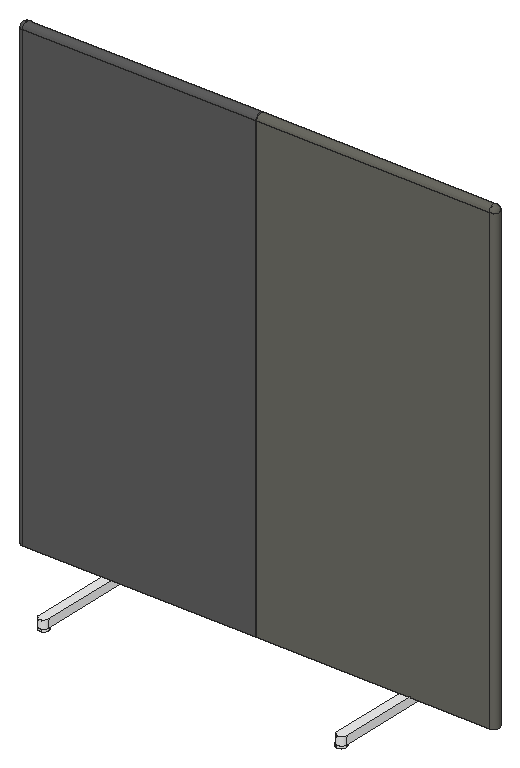
Revit family "Screen-Teknion-STSDC_Contrast_Upholstery-R2012", category Furniture Systems, Revit 2013
Parameters (values of type "48" x 48" , Center Divide")
  Width = 48"  # constant formula
  Warranty = "http://www.teknionstudio.com/pdfs/Teknion%20Studio%20Warranty.pdf"
  Upholstery Finish of Side B [instance] = Fabric - Teknion - M147 - Magnify
  Upholstery Finish of Side A [instance] = Fabric - Teknion - M142 - Magnify
  Unit Weight = 25.00 lbf
  URL = "www.teknionstudio.com"
  Low Emitting Material = yes
  Low Emitting Finish = yes
  Series = "Teknion Studio"
  Product Page URL = "http://teknionstudio.com/teknionstudio/"
  Product Line = "Screen"
  Product Documentation Link = "http://www.teknion.com/pricing/studio/pdfs/STSD_ppg.pdf"
  Part Number = "STSD"
  Model = "STSDC4848"
  Manufacturer Phone = "919-464-2920"
  Manufacturer Fax = "919-464-2927"
  Manufacturer Email = "customersupport@teknionstudio.com"
  Manufacturer Address = "3941 US 70 Business HWY West, Clayton, NC 27520"
  Manufacturer = "Teknion Studio"  # constant formula
  Height = 48"
  Description = "Studio Screen, Contrast Upholstery, 48\"h x 48\"w, Center Divide"
  Depth = 18"  # constant formula
  Assembly Code = "E2020200"
Types (4): name | Unit Weight | Model | Height | Description
  (no name) | 25.00 lbf | "STSDC4848" | 48" | "Studio Screen, Contrast Upholstery, 48\"h x 48\"w, Center Divide"
  48" x 48" , Center Divide | 25.00 lbf | "STSDC4848" | 48" | "Studio Screen, Contrast Upholstery, 48\"h x 48\"w, Center Divide"
  48" x 51" , Center Divide | 26.00 lbf | "STSDC5148" | 51" | "Studio Screen, Contrast Upholstery, 51\"h x 48\"w, Center Divide"
  48" x 66" , Center Divide | 29.00 lbf | "STSDC6648" | 66" | "Studio Screen, Contrast Upholstery, 66\"h x 48\"w, Center Divide"
Reference planes (in)
  plane 1 "Center F/B": y = 0
  plane 2: z = 0
  plane 3 "Center L/R": x = 0
  plane 4 "Back": y = 9
  plane 5 "Front": y = -9
  plane 6 "Top": z = 48
  plane 7: z = 1
  plane 8 "Left": x = -24
  plane 9 "Right": x = 24
  plane 10 "R": x = 23.4685
  plane 11 "L": x = -23.4685
  plane 12 "Panel Back": y = 0.5315
  plane 13 "Panel Front": y = -0.5315
  plane 14 "Center Division Plane": x = 0
  plane 15: z = 0.25
  plane 16: x = -14.96875
  plane 17: x = 14.96875
  plane 18 "B": y = 8.5
  plane 19 "A": y = -8.5
Forms (in)
  Sweep 1, solid, material "Fabric - Teknion - M142 - Magnify" <- "Upholstery Finish of Side A"
    path origin (0, -9, 0) x (1, 0, 0) y (0, 0, 1)
      loop
        line (0, 1) -> (0, 47.469)
    profile origin (0, -9, 24.2345) x (-1, 0, 0) y (0, -1, 0)
      loop
        arc (23.4685, -9.5315) -> (24, -9) -> (23.4685, -8.4685) r 0.5315
        line (23.4685, -8.4685) -> (0, -8.4685) -> (0, -9.5315) -> (23.4685, -9.5315)
  Sweep 2, solid, material "Fabric - Teknion - M142 - Magnify" <- "Upholstery Finish of Side A"
    path origin (0, 0, 15.40683) x (-1, 0, 0) y (0, -1, 0)
      loop
        line (23.4685, 0) -> (0, 0)
    profile origin (-11.73425, 0, 15.40683) x (0, 1, 0) y (0, 0, 1)
      loop
        arc (0.5315, 32.06217) -> (0, 32.59366) -> (-0.5315, 32.06217) r 0.5315
        line (-0.5315, 32.06217) -> (0.5315, 32.06217)
  Revolve 3, solid, material "Fabric - Teknion - M147 - Magnify" <- "Upholstery Finish of Side B"
    sketch origin (23.4685, 0, 0) x (0, 1, 0) y (0, 0, 1)
      loop
        line (-0.5315, 47.469) -> (0.5315, 47.469)
        arc (0.5315, 47.469) -> (0, 48.0005) -> (-0.5315, 47.469) r 0.5315
      axis (0.5315, 47.469) -> (-0.5315, 47.469)
    angle from 0 to 360
  Sweep 4, solid, material "Metal - Teknion - C6 - Chrome"
    path origin (0, -9, 0) x (1, 0, 0) y (0, 0, 1)
      loop
        line (0, 0.25) -> (0, 1)
    profile origin (0, -9, 0.625) x (-1, 0, 0) y (0, -1, 0)
      loop
        arc (-15.48425, -17.50025) -> (-14.98425, -18.00025) -> (-14.48425, -17.50025) r 0.5
        line (-14.48425, -17.50025) -> (-14.48425, -0.49975)
        arc (-14.48425, -0.49975) -> (-14.98425, 0.00025) -> (-15.48425, -0.49975) r 0.5
        line (-15.48425, -0.49975) -> (-15.48425, -17.50025)
      loop
        arc (14.48425, -17.50025) -> (14.98425, -18.00025) -> (15.48425, -17.50025) r 0.5
        line (15.48425, -17.50025) -> (15.48425, -0.49975)
        arc (15.48425, -0.49975) -> (14.98425, 0.00025) -> (14.48425, -0.49975) r 0.5
        line (14.48425, -0.49975) -> (14.48425, -17.50025)
  Revolve 5, solid, material "Fabric - Teknion - M142 - Magnify" <- "Upholstery Finish of Side A"
    sketch origin (-23.4685, 0, 0) x (0, 1, 0) y (0, 0, 1)
      loop
        line (-0.5315, 47.469) -> (0.5315, 47.469)
        arc (0.5315, 47.469) -> (0, 48.0005) -> (-0.5315, 47.469) r 0.5315
      axis (0.5315, 47.469) -> (-0.5315, 47.469)
    angle from 0 to 360
  Sweep 6, solid, material "Fabric - Teknion - M147 - Magnify" <- "Upholstery Finish of Side B"
    path origin (27, -9, 0) x (1, 0, 0) y (0, 0, 1)
      loop
        line (0, 1) -> (0, 47.469)
    profile origin (27, -9, 24.2345) x (-1, 0, 0) y (0, -1, 0)
      loop
        arc (3.5315, -8.4685) -> (3, -9) -> (3.5315, -9.5315) r 0.5315
        line (3.5315, -9.5315) -> (27, -9.5315) -> (27, -8.4685) -> (3.5315, -8.4685)
  Sweep 7, solid, material "Fabric - Teknion - M147 - Magnify" <- "Upholstery Finish of Side B"
    path origin (26, 0, 15.40683) x (-1, 0, 0) y (0, -1, 0)
      loop
        line (26, 0) -> (2.5315, 0)
    profile origin (11.73425, 0, 15.40683) x (0, 1, 0) y (0, 0, 1)
      loop
        arc (0.5315, 32.06217) -> (0, 32.59366) -> (-0.5315, 32.06217) r 0.5315
        line (-0.5315, 32.06217) -> (0.5315, 32.06217)
  Revolve 8, solid, material "Metal - Teknion - C6 - Chrome"
    sketch origin (0, -8.5, 0) x (-1, 0, 0) y (0, 0, 1)
      loop
        line (14.71875, 0.1875) -> (14.46875, 0.1875) -> (14.46875, 0) -> (14.96875, 0) -> (14.96875, 0.25) -> (14.71875, 0.25) -> (14.71875, 0.1875)
      axis (14.96875, 0.25) -> (14.96875, 0)
    angle from 0 to 360
  Revolve 9, solid, material "Metal - Teknion - C6 - Chrome"
    sketch origin (0, -8.5, 0) x (-1, 0, 0) y (0, 0, 1)
      loop
        line (-15.46875, 0) -> (-14.96875, 0) -> (-14.96875, 0.25) -> (-15.21875, 0.25) -> (-15.21875, 0.18604) -> (-15.46875, 0.18604) -> (-15.46875, 0)
      axis (-14.96875, 0.25) -> (-14.96875, 0)
    angle from 0 to 360
  Revolve 10, solid, material "Metal - Teknion - C6 - Chrome"
    sketch origin (0, 8.5, 0) x (-1, 0, 0) y (0, 0, 1)
      loop
        line (14.96875, 0.25) -> (14.96875, 0) -> (15.46875, 0) -> (15.46875, 0.1875) -> (15.21875, 0.1875) -> (15.21875, 0.25) -> (14.96875, 0.25)
      axis (14.96875, 0.25) -> (14.96875, 0)
    angle from 0 to 360
  Revolve 11, solid, material "Metal - Teknion - C6 - Chrome"
    sketch origin (0, 8.5, 0) x (-1, 0, 0) y (0, 0, 1)
      loop
        line (-14.96875, 0.25) -> (-14.96875, 0) -> (-14.46875, 0) -> (-14.46875, 0.18604) -> (-14.71875, 0.18604) -> (-14.71875, 0.25) -> (-14.96875, 0.25)
      axis (-14.96875, 0.25) -> (-14.96875, 0)
    angle from 0 to 360
Cuts and joins
  joined: Sweep 1, Sweep 2, Revolve 5
  joined: Revolve 3, Sweep 6, Sweep 7
  joined: Revolve 8, Revolve 9, Revolve 10, Revolve 11
Lines and regions (in)
  Masking region 1
    outline origin (0, 0, 15.40683) x (-1, 0, 0) y (0, -1, 0)
      loop
        line (23.4685, 0.5315) -> (15.48425, 0.5315) -> (15.48425, 8.50025)
        arc (15.48425, 8.50025) -> (14.98425, 9.00025) -> (14.48425, 8.50025) r 0.5
        line (14.48425, 8.50025) -> (14.48425, 0.5315) -> (-14.48425, 0.5315) -> (-14.48425, 8.50025)
        arc (-14.48425, 8.50025) -> (-14.98425, 9.00025) -> (-15.48425, 8.50025) r 0.5
        line (-15.48425, 8.50025) -> (-15.48425, 0.5315) -> (-23.4685, 0.5315)
        arc (-23.4685, 0.5315) -> (-24, 0) -> (-23.4685, -0.5315) r 0.5315
        line (-23.4685, -0.5315) -> (-15.48425, -0.5315) -> (-15.48425, -8.50025)
        arc (-15.48425, -8.50025) -> (-14.98425, -9.00025) -> (-14.48425, -8.50025) r 0.5
        line (-14.48425, -8.50025) -> (-14.48425, -0.5315) -> (14.48425, -0.5315) -> (14.48425, -8.50025)
        arc (14.48425, -8.50025) -> (14.98425, -9.00025) -> (15.48425, -8.50025) r 0.5
        line (15.48425, -8.50025) -> (15.48425, -0.5315) -> (23.4685, -0.5315)
        arc (23.4685, -0.5315) -> (24, 0) -> (23.4685, 0.5315) r 0.5315
  symbolic lines, style "FurnitureSystems", detail levels medium+fine
    curve 1: line (-15.48425, 0.5315, 15.40683) -> (-14.48425, 0.5315, 15.40683)
    curve 2: line (-15.48425, -0.5315, 15.40683) -> (-14.48425, -0.5315, 15.40683)
    curve 3: line (14.48425, 0.5315, 15.40683) -> (15.48425, 0.5315, 15.40683)
    curve 4: line (14.48425, -0.5315, 15.40683) -> (15.48425, -0.5315, 15.40683)
    curve 5: line (0, 0.5315, 15.40683) -> (0, -0.5315, 15.40683)
Dimensions and locks (in)
  equal spacing: plane 4 "Back", plane 1 "Center F/B", plane 5 "Front"
  locked: plane 7 to plane 2 at 1
  "Width": plane 8 "Left" to plane 9 "Right"
  equal spacing: plane 8 "Left", plane 3 "Center L/R", plane 9 "Right"
  "Depth": plane 4 "Back" to plane 5 "Front"
  "Height": plane 6 "Top" to plane 2
  Sweep 1 sketch curve to plane 1 "Center F/B" to Sweep 1 sketch curve = 0.5315" locked, 0.5315" locked
  locked: plane 8 "Left" to Sweep 1 sketch curve at 0.5315
  locked: plane 6 "Top" to Sweep 1 sketch curve at 0.531
  locked: plane 8 "Left" to Sweep 2 sketch curve at 0.5315
  locked: plane 6 "Top" to Sweep 2 sketch curve at 0.531
  locked: plane 6 "Top" to Revolve 3 sketch curve at 0.531  (x3)
  locked: plane 8 "Left" to plane 11 "L" at 0.5315
  locked: plane 10 "R" to plane 9 "Right" at 0.5315
  locked: plane 6 "Top" to Revolve 5 sketch curve at 0.531  (x2)
  Masking region 1 sketch curve to Masking region 1 sketch curve to plane 9 "Right" = 1" locked, 8.51575" locked  (x2)
  plane 8 "Left" to Masking region 1 sketch curve to Masking region 1 sketch curve = 8.51575" locked, 1" locked  (x2)
  locked: plane 4 "Back" to Masking region 1 sketch curve at 0.49975  (x2)
  locked: plane 5 "Front" to Masking region 1 sketch curve at 0.49975  (x2)
  plane 8 "Left" to Sweep 4 sketch curve to Sweep 4 sketch curve = 8.51575" locked, 1" locked
  Sweep 4 sketch curve to Sweep 4 sketch curve to plane 9 "Right" = 1" locked, 8.51575" locked
  locked: plane 8 "Left" to Sweep 4 sketch curve at 9.01575
  plane 13 "Panel Front" to plane 1 "Center F/B" to plane 12 "Panel Back" = 0.5315" locked, 0.5315" locked
  locked: plane 14 "Center Division Plane" to plane 8 "Left" at 24
  locked: Sweep 6 sketch curve to plane 9 "Right" at 0.5315
  locked: plane 12 "Panel Back" to Sweep 6 sketch curve at 0.5315
  plane 13 "Panel Front" to Sweep 6 sketch curve = 0.5315"
  locked: plane 6 "Top" to Sweep 7 sketch curve at 0.531
  locked: Sweep 7 sketch curve to plane 13 "Panel Front" at 0.5315
  locked: plane 15 to plane 2 at 0.25
  plane 16 to plane 14 "Center Division Plane" to plane 17 = 14 31/32" locked, 14 31/32" locked
  locked: plane 4 "Back" to plane 18 "B" at 0.5
  locked: plane 19 "A" to plane 5 "Front" at 0.5
  locked: plane 15 to Revolve 8 sketch curve at 0.0625
  locked: plane 16 to Revolve 8 sketch curve at 0.25
  locked: plane 16 to Revolve 8 sketch curve at 0.5
  locked: plane 15 to Revolve 9 sketch curve at 0.06396
  locked: plane 17 to Revolve 9 sketch curve at 0.25
  locked: plane 17 to Revolve 9 sketch curve at 0.5
  locked: Revolve 10 sketch curve to plane 16 at 0.25
  locked: Revolve 10 sketch curve to plane 16 at 0.5
  locked: plane 15 to Revolve 8 at 0.0625
  locked: Revolve 11 sketch curve to plane 17 at 0.5
  locked: Revolve 11 sketch curve to plane 17 at 0.25
  locked: plane 15 to Revolve 9 at 0.06396
  aligned and locked: level to plane 2
  aligned and locked: plane 3 "Center L/R" to Sweep 1 sketch curve
  aligned and locked: plane 1 "Center F/B" to Sweep 1 sketch curve
  aligned and locked: plane 7 to Sweep 1 sketch curve
  aligned and locked: plane 1 "Center F/B" to Sweep 2 sketch curve
  aligned and locked: Sweep 2 sketch curve to plane 1 "Center F/B"
  aligned and locked: Revolve 3 sketch curve to plane 1 "Center F/B"
  aligned and locked: plane 7 to Sweep 4 sketch curve
  aligned and locked: plane 3 "Center L/R" to Sweep 4 sketch curve
  aligned and locked: Revolve 5 sketch curve to plane 1 "Center F/B"
  aligned and locked: plane 11 "L" to Masking region 1 sketch curve
  aligned and locked: plane 10 "R" to Masking region 1 sketch curve
  aligned and locked: curve 1 to plane 12 "Panel Back"
  aligned and locked: plane 13 "Panel Front" to curve 2
  aligned and locked: curve 3 to plane 12 "Panel Back"
  aligned and locked: plane 13 "Panel Front" to curve 4
  aligned and locked: plane 12 "Panel Back" to Masking region 1 sketch curve  (x3)
  aligned and locked: plane 13 "Panel Front" to Masking region 1 sketch curve  (x3)
  aligned and locked: Sweep 4 to curve 4  (x2)
  aligned and locked: Sweep 4 to curve 3  (x2)
  aligned and locked: Sweep 4 to curve 2  (x2)
  aligned and locked: Sweep 4 to curve 1  (x2)
  aligned and locked: Sweep 1 sketch curve to plane 14 "Center Division Plane"
  aligned and locked: plane 12 "Panel Back" to Sweep 6 sketch curve
  aligned and locked: plane 13 "Panel Front" to Sweep 6 sketch curve
  aligned and locked: Sweep 6 sketch curve to plane 14 "Center Division Plane"
  aligned and locked: plane 14 "Center Division Plane" to Sweep 2 sketch curve
  aligned and locked: plane 14 "Center Division Plane" to Sweep 7 sketch curve
  aligned and locked: plane 10 "R" to Sweep 7 sketch curve
  aligned and locked: plane 12 "Panel Back" to curve 5
  aligned and locked: plane 13 "Panel Front" to curve 5
  aligned and locked: curve 5 to plane 14 "Center Division Plane"
  aligned and locked: plane 15 to Sweep 4 sketch curve
  aligned and locked: Revolve 8 sketch curve to plane 16
  aligned and locked: Revolve 8 sketch curve to plane 15
  aligned and locked: plane 2 to Revolve 8 sketch curve  (x2)
  aligned and locked: Revolve 8 sketch curve to Revolve 8 sketch curve
  aligned and locked: plane 15 to Revolve 8 sketch curve
  aligned and locked: Revolve 9 sketch curve to plane 17
  aligned and locked: plane 2 to Revolve 9 sketch curve
  aligned and locked: Revolve 9 sketch curve to plane 15
  aligned and locked: Revolve 9 sketch curve to Revolve 9 sketch curve  (x3)
  aligned and locked: plane 2 to Revolve 10 sketch curve  (x2)
  aligned and locked: plane 16 to Revolve 10 sketch curve
  aligned and locked: Revolve 10 sketch curve to plane 15
  aligned and locked: Revolve 10 sketch curve to Revolve 10 sketch curve  (x2)
  aligned and locked: plane 2 to Revolve 11 sketch curve  (x2)
  aligned and locked: plane 17 to Revolve 11 sketch curve
  aligned and locked: Revolve 11 sketch curve to plane 15
  aligned and locked: Revolve 11 sketch curve to Revolve 11 sketch curve  (x2)
Automatic sketch dimensions
  profile plane to Sweep 2 sketch curve = 0.5315"
  Revolve 3 sketch curve to plane 13 "Panel Front" = 0"  (x2)
  Revolve 3 sketch curve to plane 12 "Panel Back" = 0"
  Revolve 5 sketch curve to plane 13 "Panel Front" = 0"  (x2)
  Revolve 5 sketch curve to plane 12 "Panel Back" = 0"
  Sweep 6 sketch curve to plane 7 = 0"
  Sweep 6 sketch curve to plane 6 "Top" = 0.531"
  Sweep 6 sketch curve to plane 9 "Right" = 3"
  plane 1 "Center F/B" to Sweep 7 sketch curve = 0"
  profile plane to Sweep 7 sketch curve = 0.5315"
  Sweep 4 sketch curve to plane 5 "Front" = 0.49975"
  Sweep 4 sketch curve to Sweep 4 sketch curve = 17.0005"  (x2)
  Sweep 4 sketch curve to plane 5 "Front" = 17.50025"
  Revolve 10 sketch curve to plane 15 = 1/16"
  Revolve 11 sketch curve to plane 15 = 0.06396"
